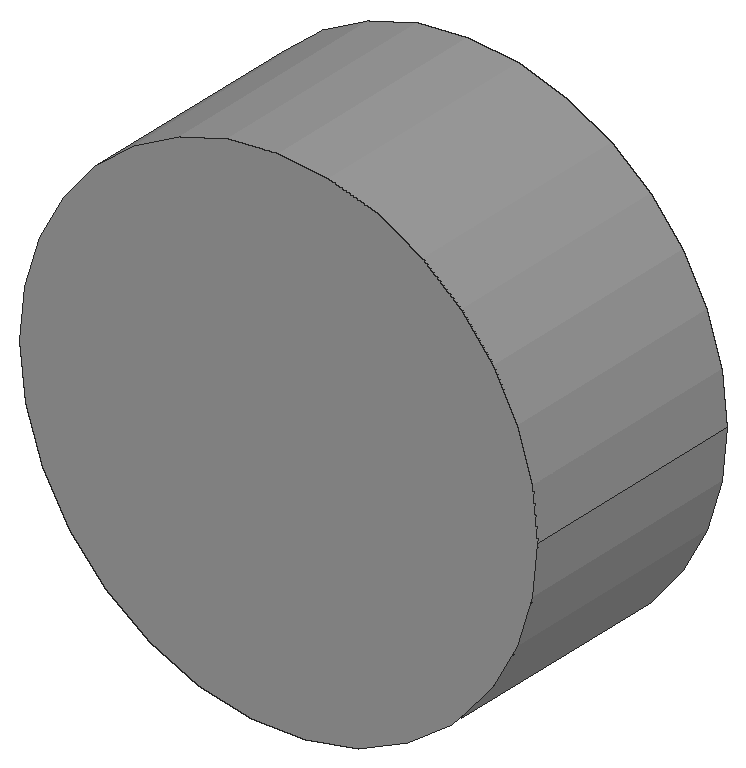
Revit family "Задание_Круглая_Стена_БезОсновы", category Окна, Revit 2019
Family settings
  На основе рабочей плоскости = Нет
  Всегда вертикально = Да
  При загрузке вырезать с полостями = Нет
  Общий = Да
  Точка расчета площади = Нет
Parameters (values of type "Отверстие с гильзой")
  Width = 0 mm  # constant formula
  ТолщинаОсновы [instance] = 100 mm
  Согласованно [instance] = not(Несогласованно)  # no
  Смещение дуги [instance] = Размер_Диаметр / 4  # 54.75 mm
  Размер_Диаметр [instance] = if(Гильза, Диаметр гильзы, Диаметр отверстия)  # 219 mm
  Rough Width = 0 mm  # constant formula
  Rough Height = 0 mm  # constant formula
  Позиция [instance] = "1"
  Отверстие_Толщина стенки [instance] = 12 mm
  Отверстие_Отметка этажа [instance] = 0 mm
  Отверстие_Отметка от этажа [instance] = 0 mm
  Отверстие_Отметка от нуля [instance] = Отверстие_Отметка этажа + Отверстие_Отметка от этажа  # 0 mm
  Отверстие_Дисциплина [instance] = ""
  Отверстие_Дата [instance] = ""
  Отверстие = not(Гильза)  # no
  Несогласованно [instance] = yes
  Материал стены [instance] = ""
  Группа модели = "Задание"  # constant formula
  Видимость_Вниз [instance] = 0 mm
  Видимость_Вверх [instance] = 0 mm
  Коллизии [instance] = ""
  Инструкция [instance] = "https://drive.google.com/open?id=1dWthfLxqsksj-u4klXlJBslAAIWb7P7Y"
  Диаметр отверстия [instance] = 100 mm
  Диаметр гильзы [instance] = 219 mm
  Гильза = yes
  Height = 0 mm  # constant formula
  Аналитическая конструкция = "<Нет>"
  Y [instance] = 0
  X [instance] = 0
  Info [instance] = ""
Types (2, lengths in mm): name | Согласованно | Смещение дуги | Размер_Диаметр | Отверстие_Толщина стенки | Отверстие | Несогласованно | Диаметр гильзы | Гильза
  Круглое отверстие | yes | 25 | 100 | 4 | yes | no | 100 | no
  Отверстие с гильзой | no | 54.75 | 219 | 12 | no | yes | 219 | yes
Reference planes
  plane 1 "По центру (Вперед/Назад)": y = 0
  plane 2: z = 0
  plane 3 "По центру (Влево/Вправо)": x = 0
  plane 4 "Y верх": y = 100
  plane 5 "Н низ": y = 0
  plane 6: z = 109.5
  plane 7 "Линия ВЕРХ": z = 109.5
  plane 8 "Линия НИЗ": z = -109.5
  plane 9: z = -109.5
  plane 10 "Центр отверстия": through (-6.856, -1524, -6.856) normal (-0.7071, 0, 0.7071)
  plane 11 "Смещение вн. дуги от центра": through (31.858, -1524, -45.57) normal (-0.7071, 0, 0.7071)
  plane 12 "ОП СимЛин ЛВ": x = -109.5
  plane 13 "ОП СимЛин ПР": x = 109.5
  plane 14: x = -10
  plane 15: x = 10
  plane 16: z = -10
  plane 17: z = 10
  plane 18: z = -20
  plane 19: z = 20
  plane 20: x = 20
  plane 21: x = -20
  plane 22: z = -114.5
  plane 23: z = 114.5
  plane 24: x = -114.5
  plane 25: x = 114.5
Forms (mm)
  Extrusion 1, solid, material "По умолчанию"
    sketch origin (0, 0, 0) x (1, 0, 0) y (0, 0, 1)
      loop
        circle (0, 0) r 109.5
    from -100 to 0
Lines and regions (mm)
  symbolic lines
    curve 1: line (109.5, 100, 0) -> (-109.5, 0, 0)
    curve 3: line (-109.5, 100, 0) -> (109.5, 100, 0)
    curve 4: line (-109.5, 0, 0) -> (-109.5, 100, 0)
    curve 5: line (109.5, 0, 0) -> (-109.5, 0, 0)
    curve 6: line (109.5, 100, 0) -> (109.5, 0, 0)
    curve 7: line (0, 100, 109.5) -> (0, 0, 109.5)
    curve 8: line (0, 100, -109.5) -> (0, 100, 109.5)
    curve 9: line (0, 0, -109.5) -> (0, 100, -109.5)
    curve 10: line (0, 0, 109.5) -> (0, 0, -109.5)
    curve 11: circle (0, 0, 0) r 109.5 normal (0, -1, 0)
    curve 12: line (-109.5, 0, 0) -> (109.5, 0, 0)
  model lines, style "InvisibleLines"
    curve 2: line (0, 0, -109.5) -> (0, 0, 109.5)
    curve 14: line (-27.399, 77.5, 0) -> (-19.899, 90, 0)
    curve 15: line (-34.899, 90, 0) -> (-27.399, 77.5, 0)
    curve 16: line (-12.399, 90, 0) -> (-12.399, 65, 0)
    curve 17: line (-12.399, 90, 0) -> (-10, 83.408, 0)
    curve 18: line (-12.399, 90, 0) -> (-14.799, 83.408, 0)
    curve 19: line (-12.399, 65, 0) -> (-10, 71.592, 0)
    curve 20: line (-12.399, 65, 0) -> (-14.799, 71.592, 0)
    curve 21: line (-27.399, 77.5, 0) -> (-27.399, 65, 0)
    curve 36: line (46.099, 36.771, 0) -> (24.886, 15.558, 0)
    curve 37: line (35.492, 26.164, 0) -> (46.099, 15.558, 0)
    curve 38: line (35.492, 26.164, 0) -> (24.886, 36.771, 0)
    curve 39: line (48.064, 7.581, 0) -> (23.064, 7.581, 0)
    curve 40: line (48.064, 7.581, 0) -> (41.471, 5.181, 0)
    curve 41: line (48.064, 7.581, 0) -> (41.471, 9.98, 0)
    curve 42: line (23.064, 7.581, 0) -> (29.656, 5.181, 0)
    curve 43: line (23.064, 7.581, 0) -> (29.656, 9.98, 0)
  symbolic lines, visible <- "Отверстие"
    curve 13: arc (77.428, 0, 77.428) -> (-47.853, 0, 47.853) -> (-77.428, 0, -77.428) r 122.425
  model lines, style "InvisibleLines", not visible
    curve 22: line (317.866, -74.537, 0) -> (325.366, -62.037, 0)
    curve 23: line (310.366, -62.037, 0) -> (317.866, -74.537, 0)
    curve 24: line (332.866, -62.037, 0) -> (332.866, -87.037, 0)
    curve 25: line (332.866, -62.037, 0) -> (335.266, -68.63, 0)
    curve 26: line (332.866, -62.037, 0) -> (330.467, -68.63, 0)
    curve 27: line (332.866, -87.037, 0) -> (335.266, -80.445, 0)
    curve 28: line (332.866, -87.037, 0) -> (330.467, -80.445, 0)
    curve 29: line (317.866, -74.537, 0) -> (317.866, -87.037, 0)
    curve 44: line (391.364, -115.267, 0) -> (370.151, -136.48, 0)
    curve 45: line (380.758, -125.873, 0) -> (391.364, -136.48, 0)
    curve 46: line (380.758, -125.873, 0) -> (370.151, -115.267, 0)
    curve 47: line (393.33, -144.456, 0) -> (368.33, -144.456, 0)
    curve 48: line (393.33, -144.456, 0) -> (386.737, -146.856, 0)
    curve 49: line (393.33, -144.456, 0) -> (386.737, -142.057, 0)
    curve 50: line (368.33, -144.456, 0) -> (374.922, -146.856, 0)
    curve 51: line (368.33, -144.456, 0) -> (374.922, -142.057, 0)
  symbolic lines, visible <- "Гильза"
    curve 30: line (0, 0, 10) -> (0, 0, -10)
    curve 31: line (-10, 0, 0) -> (10, 0, 0)
    curve 32: line (0, 0, -20) -> (0, 0, -114.5)
    curve 33: line (-20, 0, 0) -> (-114.5, 0, 0)
    curve 34: line (0, 0, 20) -> (0, 0, 114.5)
    curve 35: line (20, 0, 0) -> (114.5, 0, 0)
Dimensions and locks
  "ТолщинаОсновы": plane 5 "Н низ" to plane 4 "Y верх"
  equal spacing: plane 6, level, plane 9
  "Размер_Диаметр": plane 6 to plane 9
  "Видимость_Вниз": plane 9 to plane 8 "Линия НИЗ"
  "Видимость_Вверх": plane 7 "Линия ВЕРХ" to plane 6
  "Смещение дуги": plane 10 "Центр отверстия" to plane 11 "Смещение вн. дуги от центра"
  "Размер_Диаметр": plane 12 "ОП СимЛин ЛВ" to plane 13 "ОП СимЛин ПР"
  equal spacing: plane 12 "ОП СимЛин ЛВ", plane 3 "По центру (Влево/Вправо)", plane 13 "ОП СимЛин ПР"
  locked: plane 4 "Y верх" to curve 15 at 10
  locked: plane 24 to plane 12 "ОП СимЛин ЛВ" at 5
  locked: plane 13 "ОП СимЛин ПР" to plane 25 at 5
  locked: plane 23 to plane 7 "Линия ВЕРХ" at 5
  locked: plane 9 to plane 22 at 5
  locked: plane 17 to plane 16 at 20
  locked: plane 16 to plane 18 at 10
  locked: plane 19 to plane 17 at 10
  locked: plane 21 to plane 14 at 10
  locked: plane 14 to plane 15 at 20
  locked: plane 15 to plane 20 at 10
  "Размер_Диаметр": diameter of Extrusion 1 sketch curve
  "Размер_Диаметр": diameter of curve 11
  aligned and locked: level to plane 2
  aligned and locked: curve 2 to plane 3 "По центру (Влево/Вправо)"
  aligned and locked: curve 3 to plane 4 "Y верх"
  aligned and locked: curve 5 to plane 5 "Н низ"
  aligned and locked: curve 2 to plane 7 "Линия ВЕРХ"
  aligned and locked: Extrusion 1 to plane 4 "Y верх"
  aligned and locked: plane 5 "Н низ" to Extrusion 1
  aligned and locked: plane 8 "Линия НИЗ" to curve 2
  aligned and locked: curve 7 to plane 6
  aligned and locked: plane 9 to curve 9
  aligned and locked: curve 8 to plane 4 "Y верх"
  aligned and locked: curve 10 to plane 5 "Н низ"
  aligned and locked: plane 3 "По центру (Влево/Вправо)" to curve 11
  aligned and locked: level to curve 11
  aligned and locked: plane 11 "Смещение вн. дуги от центра" to curve 13
  aligned and locked: curve 4 to plane 12 "ОП СимЛин ЛВ"
  aligned and locked: plane 13 "ОП СимЛин ПР" to curve 6
  aligned and locked: plane 3 "По центру (Влево/Вправо)" to curve 34
  aligned and locked: curve 30 to plane 3 "По центру (Влево/Вправо)"
  aligned and locked: curve 32 to plane 3 "По центру (Влево/Вправо)"
  aligned and locked: level to curve 33
  aligned and locked: curve 31 to level
  aligned and locked: curve 35 to level
  aligned and locked: plane 1 "По центру (Вперед/Назад)" to plane 5 "Н низ"
  aligned and locked: nested 1 to curve 3
Automatic sketch dimensions
  Extrusion 1 sketch curve to level = 0 mm
  Extrusion 1 sketch curve to plane 3 "По центру (Влево/Вправо)" = 0 mm
  plane 10 "Центр отверстия" to curve 13 = 0 mm  (x2)
  curve 30 to plane 17 = 0 mm
  curve 30 to plane 16 = 0 mm
  plane 14 to curve 31 = 0 mm
  plane 15 to curve 31 = 0 mm
  curve 32 to plane 18 = 0 mm
  curve 32 to plane 22 = 0 mm
  plane 24 to curve 33 = 0 mm
  plane 21 to curve 33 = 0 mm
  curve 34 to plane 19 = 0 mm
  curve 34 to plane 23 = 0 mm
  plane 20 to curve 35 = 0 mm
  plane 25 to curve 35 = 0 mm
  curve 14 to curve 16 = 15 mm
  curve 16 to curve 42 = 35.463 mm
  curve 42 to curve 40 = 25 mm
  curve 39 to curve 16 = 57.419 mm
  curve 16 to curve 15 = 12.5 mm
  curve 14 to curve 16 = 12.5 mm
  curve 15 to curve 14 = 7.5 mm
  curve 14 to curve 16 = 7.5 mm
  curve 18 to curve 16 = 2.399 mm
  curve 20 to curve 16 = 2.399 mm
  curve 18 to curve 17 = 4.799 mm
  curve 20 to curve 19 = 4.799 mm
  curve 39 to curve 38 = 1.822 mm
  curve 39 to curve 36 = 1.822 mm
  curve 42 to curve 42 = 6.592 mm
  curve 43 to curve 42 = 0 mm
  curve 36 to curve 37 = 10.607 mm
  curve 38 to curve 37 = 0 mm
  curve 40 to curve 39 = 6.592 mm
  curve 41 to curve 40 = 0 mm
  curve 38 to curve 36 = 10.607 mm
  curve 41 to curve 37 = 4.627 mm
  curve 40 to curve 39 = 2.399 mm
  curve 42 to curve 42 = 2.399 mm
  curve 40 to curve 41 = 4.799 mm
  curve 42 to curve 43 = 4.799 mm
  curve 41 to curve 37 = 5.577 mm
  curve 43 to curve 36 = 5.577 mm
  curve 21 to curve 14 = 12.5 mm
  curve 16 to curve 19 = 6.592 mm
  curve 20 to curve 19 = 0 mm
  curve 18 to curve 16 = 6.592 mm
  curve 18 to curve 17 = 0 mm
  curve 14 to curve 15 = 12.5 mm
  curve 14 to curve 16 = 0 mm
  curve 22 to curve 24 = 15 mm
  curve 24 to curve 50 = 35.463 mm
  curve 50 to curve 48 = 25 mm
  curve 47 to curve 24 = 57.419 mm
  curve 24 to curve 23 = 12.5 mm
  curve 22 to curve 24 = 12.5 mm
  curve 23 to curve 22 = 7.5 mm
  curve 22 to curve 24 = 7.5 mm
  curve 26 to curve 24 = 2.399 mm
  curve 28 to curve 24 = 2.399 mm
  curve 26 to curve 25 = 4.799 mm
  curve 28 to curve 27 = 4.799 mm
  curve 47 to curve 46 = 1.822 mm
  curve 47 to curve 44 = 1.822 mm
  curve 50 to curve 50 = 6.592 mm
  curve 51 to curve 50 = 0 mm
  curve 44 to curve 45 = 10.607 mm
  curve 46 to curve 45 = 0 mm
  curve 48 to curve 47 = 6.592 mm
  curve 49 to curve 48 = 0 mm
  curve 46 to curve 44 = 10.607 mm
  curve 49 to curve 45 = 4.627 mm
  curve 48 to curve 47 = 2.399 mm
  curve 50 to curve 50 = 2.399 mm
  curve 48 to curve 49 = 4.799 mm
  curve 50 to curve 51 = 4.799 mm
  curve 49 to curve 45 = 5.577 mm
  curve 51 to curve 44 = 5.577 mm
  curve 29 to curve 22 = 12.5 mm
  curve 24 to curve 27 = 6.592 mm
  curve 28 to curve 27 = 0 mm
  curve 26 to curve 24 = 6.592 mm
  curve 26 to curve 25 = 0 mm
  curve 22 to curve 23 = 12.5 mm
  curve 22 to curve 24 = 0 mm
Nested families
  nested 1: "Заполнение (план)" at (0, -100, 0), Красный <- "Несогласованно", Masking length <- "Размер_Диаметр", Masking depth <- "ТолщинаОсновы", type "Красный"
    with Черный no, Красный yes, Masking length 219 mm, Masking depth 100 mm
Definition of nested family "Заполнение (план)"
  Parameters (values of type "Красный")
    Черный [instance] = not(Красный)  # no
    Красный [instance] = yes
    Assembly Code = ""
    Masking length [instance] = 400 mm
    Masking depth [instance] = 250 mm
  Types (3, lengths in mm): name | Черный | Красный | Masking depth
    Красный | no | yes | 250
    Чёрный | yes | no | 300
    Стандарт | yes | no | 300
  Reference planes
    plane 1 "Break Line": y = 25
    plane 2: z = 0
    plane 3: x = -200
    plane 4: x = 200
    plane 5: y = 275
    plane 6: x = 0
    plane 7: y = 150
  Lines and regions (mm)
    Filled region 1, type "Черный", in view "Ground floor", visible <- "Черный"
      outline origin (0, 0, 0) x (1, 0, 0) y (0, 1, 0)
        loop
          line (-200, 25) -> (200, 25) -> (200, 275) -> (-200, 275) -> (-200, 25)
    Filled region 2, type "Красный", in view "Ground floor", visible <- "Красный"
      outline origin (0, 0, 0) x (1, 0, 0) y (0, 1, 0)
        loop
          line (-200, 25) -> (200, 25) -> (200, 275) -> (-200, 275) -> (-200, 25)
    detail lines, in view "Ground floor"
      curve 1: line (-200, 275, 0) -> (200, 25, 0)
      curve 2: line (-200, 25, 0) -> (200, 275, 0)
  Dimensions and locks
    "Masking depth": plane 1 "Break Line" to plane 5
    "Masking length": plane 3 to plane 4
    equal spacing: plane 3, plane 6, plane 4
    equal spacing: plane 1 "Break Line", plane 7, plane 5
    aligned and locked: plane 3 to Filled region 1
    aligned and locked: plane 5 to Filled region 1 sketch curve
    aligned and locked: plane 1 "Break Line" to Filled region 1 sketch curve
    aligned and locked: plane 4 to Filled region 1 sketch curve
    aligned and locked: Filled region 1 sketch curve to plane 3
    aligned and locked: plane 5 to curve 1
    aligned and locked: plane 4 to curve 1
    aligned and locked: plane 3 to curve 2
    aligned and locked: plane 5 to curve 2
    aligned and locked: Filled region 2 to plane 4
    aligned and locked: Filled region 2 to plane 5
    aligned and locked: plane 3 to Filled region 2
    aligned and locked: plane 1 "Break Line" to Filled region 2
    aligned and locked: Filled region 2 sketch curve to plane 3
    aligned and locked: plane 4 to Filled region 2 sketch curve
    aligned and locked: plane 5 to Filled region 2 sketch curve
    aligned and locked: plane 1 "Break Line" to Filled region 2 sketch curve
  Automatic sketch dimensions
    curve 1 to plane 3 = 0 mm
    curve 2 to plane 4 = 0 mm
    plane 1 "Break Line" to curve 1 = 0 mm
    plane 1 "Break Line" to curve 2 = 0 mm
